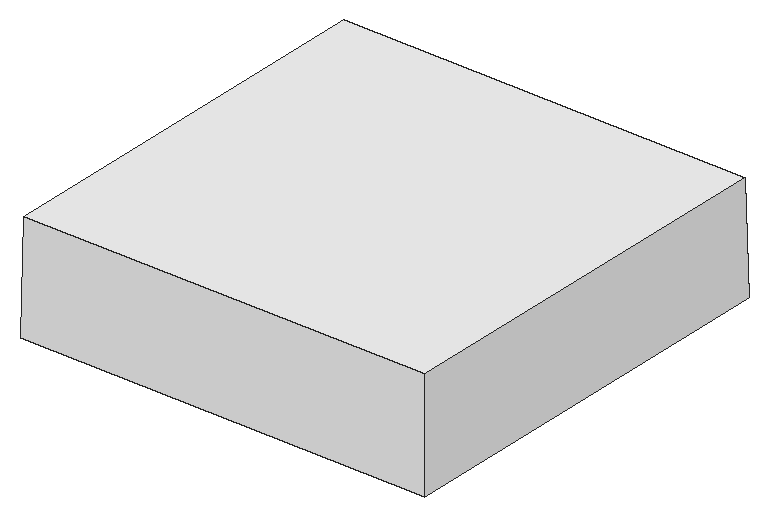
Revit family "Begleitplatte", category Allgemeines Modell, Revit 2016
Family settings
  Teiletyp = Normal
  Kann Basisbauteil für Bewehrung sein = Nein
  Bemaßung runder Anschluss = Durchmesser verwenden
  Arbeitsebenenbasiert = Nein
  Immer vertikal = Ja
  Beim Laden mit Abzugskörper schneiden = Nein
  Gemeinsam genutzt = Nein
  Raumberechnungspunkt = Nein
Parameters (values of type "Sicherungselement "Strich" - 300/300/80,45 Weiß")
  www = "www.Betonsteinwerk-Knapp.de"
  Steindicke = ""
  Rastermaß L/ B in mm = "300/300"
  RIL = ""
  R-Wert  nach DIN 51130 = "R12"
  Produzent = "IKM Betonsteinwerk Knapp & Co GmbH, Muggensturm"
  Produktname = "Sicherungselement \"Strich\""
  Produktionsnorm = "DIN V 18500"
  Produktfamilie = "Begleitplatte"
  Oberflächenausbildung = ""
  Norm = ""
  Materialität = Nr. 470 Weiß
  Material = "Hochleistungsfaserbeton"
  LRV-Wert = "53,06"
  Manufacturer = ""
  Gewicht/St = "16,6"
  GTIN - Nummer = "4060851017097"
  Frost- und Tausalzwiderstand (CDF) in g/m² im Mittel = "430"
  Fasenausbildung = "Minifase"
  Farbausführung = "Nr. 470 Weiß"
  Email = "Info@Betonsteinwerk-knapp.de"
  Auftrittsfläche = "Rändelstruktur"
  Artikelnummer = "5-303108-470-00"
  80.45 = yes
  64.5 = no
Types (6, lengths in mm): name | R-Wert  nach DIN 51130 | Produktname | Materialität | LRV-Wert | Gewicht/St | GTIN - Nummer | Frost- und Tausalzwiderstand (CDF) in g/m² im Mittel | Farbausführung | Artikelnummer | 80.45 | 64.5
  Sicherungselement "Strich" - 300/300/64,5 Weiß | "R12" | "Sicherungselement \"Strich\"" | Nr. 470 Weiß | "53,06" | "12.2" | "4060851017097" | "430" | "Nr. 470 Weiß" | "5-303108-470-00" | no | yes
  Sicherungselement "Strich" - 300/300/80,45 Weiß | "R12" | "Sicherungselement \"Strich\"" | Nr. 470 Weiß | "53,06" | "16,6" | "4060851017097" | "430" | "Nr. 470 Weiß" | "5-303108-470-00" | yes | no
  Begleitplatte - 300/300/80,45 Anthrazit | "R11" | "Begleitplatte" | Nr. 469 Anthrazit | "" | "16,6" | "4060851017080" | "" | "Nr. 469 Anthrazit mit Oberflächenvergütung" | "5-393008-469-90" | yes | no
  Begleitplatte - 300/300/64,5 Anthrazit | "R11" | "Begleitplatte" | Nr. 469 Anthrazit | "" | "12.2" | "4060851017080" | "" | "Nr. 469 Anthrazit mit Oberflächenvergütung" | "5-393008-469-90" | no | yes
  Sicherungselement "Strich" - 300/300/80,45 Anthrazit | "R11" | "Sicherungselement \"Strich\"" | Nr. 469 Anthrazit | "" | "16,6" | "4060851017103" | "" | "Nr. 469 Anthrazit mit Oberflächenvergütung" | "5-303108-469-90" | yes | no
  Sicherungselement "Strich" - 300/300/64,5 Anthrazit | "R12" | "Sicherungselement \"Strich\"" | Nr. 469 Anthrazit | "" | "12.2" | "4060851017103" | "" | "Nr. 469 Anthrazit mit Oberflächenvergütung" | "5-303108-469-90" | no | yes
Reference planes
  plane 1 "Mitte (Vorne/Hinten)": y = 0
  plane 2: z = 0
  plane 3 "Mitte (Links/Rechts)": x = 0
Forms (mm)
  Extrusion 1, solid, material "Nr. 470 Weiß" <- "Materialität", visible <- "80.45", detail levels medium+fine
    sketch origin (0, 0, 0) x (1, 0, 0) y (0, 0, 1)
      loop
        line (-298.62, 0) -> (0, 0) -> (-1.308, 80) -> (-297.312, 80) -> (-298.62, 0)
    from 0 to 298.6
  Extrusion 2, solid, material "Nr. 470 Weiß" <- "Materialität", visible <- "64.5", detail levels medium+fine
    sketch origin (0, 0, 0) x (1, 0, 0) y (0, 0, 1)
      loop
        line (-298.62, 0) -> (0, 0) -> (-0.981, 60) -> (-297.639, 60) -> (-298.62, 0)
    from 0 to 298.6
  Extrusion 3, void
    sketch origin (0, 0, 0) x (0, 1, 0) y (0, 0, 1)
      loop
        line (-298.6, 80) -> (-298.6, 0) -> (-297.3, 80) -> (-298.6, 80)
      loop
        line (0, 80) -> (-1.3, 80) -> (0, 0) -> (0, 80)
    from 0 to -298.62
  Extrusion 4, void
    sketch origin (0, 0, 0) x (0, 1, 0) y (0, 0, 1)
      loop
        line (-298.6, 60) -> (-298.6, 0) -> (-297.625, 60) -> (-298.6, 60)
      loop
        line (0, 60) -> (-0.975, 60) -> (0, 0) -> (0, 60)
    from 0 to -298.62
Cuts and joins
  Extrusion 3 cuts Extrusion 1
  Extrusion 4 cuts Extrusion 2
Dimensions and locks
  aligned and locked: level to plane 2
  aligned and locked: Extrusion 3 to Extrusion 1
